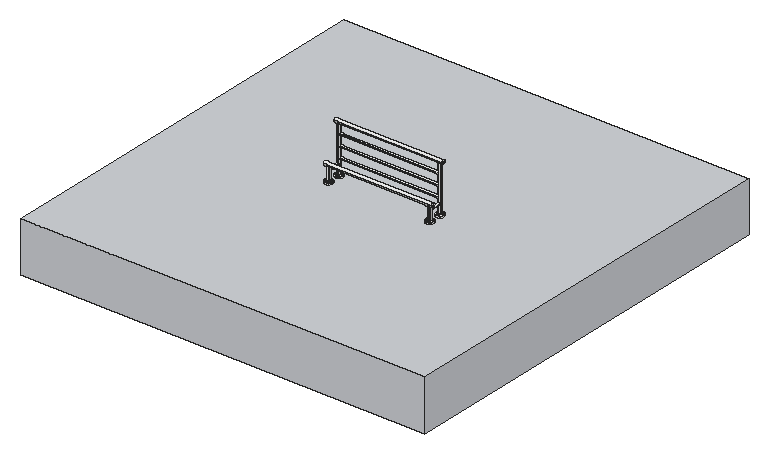
Revit family
Parameters (values of type "Metal-CP-Polished_Chrome")
  Width Overall [instance] = 2' - 1.90551"
  Width = 2' - 0 1/64"
  URL = "http://www.us.kohler.com/us/"
  Product Page URL = "http://www.us.kohler.com/us/Purist-hotelier/productDetail/Accessories/428371.htm?skuId=410317&brandId=430165&pageName=globalSearch&isRedirectedTo=true&searchTerm=14381&_requestid=6403039"
  Product Documentation Link = "http://www.us.kohler.com/webassets/kpna/catalog/pdf/en/1156289_4.pdf"
  Model = "14381-CP"
  Manufacturer = "Kohler"  # constant formula
  Length = 0' - 11.9685"
  Height = 0' - 5.03951"
  Finish = Metal-Kohler-CP-Polished Chrome
  Description = "Purist Hotelier"  # constant formula
  Default Elevation = 4' - 0"
  Assembly Code = "E2010"
Types (7): name | Model | Finish
  (no name) | "14381-CP" | Metal-Kohler-CP-Polished Chrome
  Metal-CP-Polished_Chrome | "14381-CP" | Metal-Kohler-CP-Polished Chrome
  Metal-SN-Vibrant_Polished_Nickel | "14381-SN" | Metal-Kohler-SN-Vibrant Polished Nickel
  Metal-BV-Vibrant_Brushed_Bronze | "14381-BV" | Metal-Kohler-BV-Vibrant Brushed Bronze
  Metal-BN-Vibrant_Brushed_Nickel | "14381-BN" | Metal-Kohler-BN-Vibrant Brushed Nickel
  Metal-BGD-Vibrant_Moderne_Brushed_Gold | "14381-BGD" | Metal-Kohler-BGD-Vibrant Moderne Brushed Gold
  Metal-AF-Vibrant_French_Gold | "14381-BGD" | Metal-Kohler-AF-Vibrant French Gold
Reference planes (in)
  plane 1 "Center (Front/Back)": y = 0
  plane 2: z = 0
  plane 3 "Center (Left/Right)": x = 0
  plane 4: y = 2.51976
  plane 5: y = -2.51976
  plane 6: x = -12.95276
  plane 7: x = 12.95276
  plane 8: x = -12.0078
  plane 9: x = 12.0078
  plane 10: z = 11.9685
Forms (in)
  Extrusion 1, solid
    sketch origin (0, 0, 0) x (1, 0, 0) y (0, 1, 0)
      loop
        line (-48, 48) -> (-48, -48) -> (48, -48) -> (48, 48) -> (-48, 48)
    from 0 to -12
Dimensions and locks (in)
  "Height": plane 5 to plane 4
  equal spacing: plane 8, plane 3 "Center (Left/Right)", plane 9
  "Width": plane 8 to plane 9
  "Width Overall": plane 6 to plane 7
  locked: plane 6 to plane 8 at 0.94495
  plane 9 to plane 7 = 0' - 0.94495"
  "Length": plane 10 to level
  aligned and locked: plane 2 to Extrusion 1
  aligned and locked: level to Extrusion 1
Automatic sketch dimensions
  Extrusion 1 sketch curve to Extrusion 1 sketch curve = 8' - 0"  (x2)
Nested families (in)
  nested 1: "14381" at (0, 0, 0), type "14381"
Definition of nested family "14381"
  Parameters (values of type "14381")
    Width = 2' - 0 15/16"
    Finish = Metal-Kohler-CP-Polished Chrome
    Assembly Code = ""
  Reference planes (in)
    plane 1 "Center (Front/Back)": y = 0
    plane 2: z = 0
    plane 3 "Center (Left/Right)": x = 0
    plane 4: x = -12.0078
    plane 5: x = 12.0078
    plane 6 "Back": y = 2.51976
    plane 7 "Front": y = -2.51976
    plane 8: z = 11.9685
    plane 9 "Left": x = -12.95276
    plane 10 "Right": x = 12.95276
    plane 11 "a": x = 12.78415
    plane 12 "b": x = -12.78415
  Forms (in)
    Revolve 1, solid, material "Metal-Kohler-CP-Polished Chrome" <- "Finish", detail levels medium+fine
      sketch origin (0, -1.5748, 0) x (1, 0, 0) y (0, 0, 1)
        loop
          line (-12.95276, 0) -> (-12.0078, 0) -> (-12.0078, 0.55118) -> (-12.3622, 0.55118)
          arc (-12.3622, 0.55118) -> (-12.37358, 0.53943) -> (-12.37583, 0.52324) r 0.02634
          arc (-12.37583, 0.52324) -> (-12.42219, 0.39639) -> (-12.5231, 0.30661) r 0.2766
          arc (-12.5231, 0.30661) -> (-12.59087, 0.27572) -> (-12.66256, 0.25555) r 0.48636
          line (-12.66256, 0.25555) -> (-12.93102, 0.25555)
          arc (-12.93102, 0.25555) -> (-12.94639, 0.24918) -> (-12.95276, 0.23381) r 0.02174
          line (-12.95276, 0.23381) -> (-12.95276, 0)
        axis (-12.0078, 0.55118) -> (-12.0078, 0)
      angle from 0 to 360
    Revolve 2, solid, material "Metal-Kohler-CP-Polished Chrome" <- "Finish", detail levels medium+fine
      sketch origin (0, 1.5748, 0) x (1, 0, 0) y (0, 0, 1)
        loop
          line (-12.95276, 0) -> (-12.0078, 0) -> (-12.0078, 0.55118) -> (-12.3622, 0.55118)
          arc (-12.3622, 0.55118) -> (-12.37358, 0.53943) -> (-12.37583, 0.52324) r 0.02634
          arc (-12.37583, 0.52324) -> (-12.42219, 0.39639) -> (-12.5231, 0.30661) r 0.2766
          arc (-12.5231, 0.30661) -> (-12.59087, 0.27572) -> (-12.66256, 0.25555) r 0.48636
          line (-12.66256, 0.25555) -> (-12.93102, 0.25555)
          arc (-12.93102, 0.25555) -> (-12.94639, 0.24918) -> (-12.95276, 0.23381) r 0.02174
          line (-12.95276, 0.23381) -> (-12.95276, 0)
        axis (-12.0078, 0.55118) -> (-12.0078, 0)
      angle from 0 to 360
    Extrusion 3, solid, material "Metal-Kohler-CP-Polished Chrome" <- "Finish", detail levels medium+fine
      sketch origin (0, 0, 0) x (1, 0, 0) y (0, 1, 0)
        loop
          arc (-12.0078, -1.2204) -> (-12.14343, -1.24738) -> (-12.2584, -1.3242) r 0.3544
          arc (-12.2584, -1.3242) -> (-12.33523, -1.43918) -> (-12.3622, -1.5748) r 0.3544
          arc (-12.3622, -1.5748) -> (-12.33523, -1.71043) -> (-12.2584, -1.8254) r 0.3544
          arc (-12.2584, -1.8254) -> (-12.14343, -1.90223) -> (-12.0078, -1.9292) r 0.3544
          arc (-12.0078, -1.9292) -> (-11.87218, -1.90223) -> (-11.7572, -1.8254) r 0.3544
          arc (-11.7572, -1.8254) -> (-11.68038, -1.71043) -> (-11.6534, -1.5748) r 0.3544
          arc (-11.6534, -1.5748) -> (-11.68038, -1.43918) -> (-11.7572, -1.3242) r 0.3544
          arc (-11.7572, -1.3242) -> (-11.87218, -1.24738) -> (-12.0078, -1.2204) r 0.3544
      from 0.55118 to 3.77953
    Extrusion 4, solid, material "Metal-Kohler-CP-Polished Chrome" <- "Finish", detail levels medium+fine
      sketch origin (0, 3.14961, 0) x (1, 0, 0) y (0, 1, 0)
        loop
          arc (-12.0078, -1.2204) -> (-12.14343, -1.24738) -> (-12.2584, -1.3242) r 0.3544
          arc (-12.2584, -1.3242) -> (-12.33523, -1.43918) -> (-12.3622, -1.5748) r 0.3544
          arc (-12.3622, -1.5748) -> (-12.33523, -1.71043) -> (-12.2584, -1.8254) r 0.3544
          arc (-12.2584, -1.8254) -> (-12.14343, -1.90223) -> (-12.0078, -1.9292) r 0.3544
          arc (-12.0078, -1.9292) -> (-11.87218, -1.90223) -> (-11.7572, -1.8254) r 0.3544
          arc (-11.7572, -1.8254) -> (-11.68038, -1.71043) -> (-11.6534, -1.5748) r 0.3544
          arc (-11.6534, -1.5748) -> (-11.68038, -1.43918) -> (-11.7572, -1.3242) r 0.3544
          arc (-11.7572, -1.3242) -> (-11.87218, -1.24738) -> (-12.0078, -1.2204) r 0.3544
      from 0.55118 to 11.5748
    Revolve 5, solid, material "Metal-Kohler-CP-Polished Chrome" <- "Finish", detail levels medium+fine
      sketch origin (0, -1.5748, 0) x (-1, 0, 0) y (0, 0, -1)
        loop
          line (-12.95276, 0) -> (-12.95276, -0.23381)
          arc (-12.95276, -0.23381) -> (-12.94639, -0.24918) -> (-12.93102, -0.25555) r 0.02174
          line (-12.93102, -0.25555) -> (-12.66256, -0.25555)
          arc (-12.66256, -0.25555) -> (-12.59087, -0.27572) -> (-12.5231, -0.30661) r 0.48636
          arc (-12.5231, -0.30661) -> (-12.42219, -0.39639) -> (-12.37583, -0.52324) r 0.2766
          arc (-12.37583, -0.52324) -> (-12.37358, -0.53943) -> (-12.3622, -0.55118) r 0.02634
          line (-12.3622, -0.55118) -> (-12.0078, -0.55118) -> (-12.0078, 0) -> (-12.95276, 0)
        axis (-12.0078, -0.55118) -> (-12.0078, 0)
      angle from 0 to 360
    Revolve 6, solid, material "Metal-Kohler-CP-Polished Chrome" <- "Finish", detail levels medium+fine
      sketch origin (0, 1.5748, 0) x (-1, 0, 0) y (0, 0, -1)
        loop
          line (-12.95276, 0) -> (-12.95276, -0.23381)
          arc (-12.95276, -0.23381) -> (-12.94639, -0.24918) -> (-12.93102, -0.25555) r 0.02174
          line (-12.93102, -0.25555) -> (-12.66256, -0.25555)
          arc (-12.66256, -0.25555) -> (-12.59087, -0.27572) -> (-12.5231, -0.30661) r 0.48636
          arc (-12.5231, -0.30661) -> (-12.42219, -0.39639) -> (-12.37583, -0.52324) r 0.2766
          arc (-12.37583, -0.52324) -> (-12.37358, -0.53943) -> (-12.3622, -0.55118) r 0.02634
          line (-12.3622, -0.55118) -> (-12.0078, -0.55118) -> (-12.0078, 0) -> (-12.95276, 0)
        axis (-12.0078, -0.55118) -> (-12.0078, 0)
      angle from 0 to 360
    Extrusion 7, solid, material "Metal-Kohler-CP-Polished Chrome" <- "Finish", detail levels medium+fine
      sketch origin (0, 0, 0) x (-1, 0, 0) y (0, -1, 0)
        loop
          arc (-12.0078, 1.2204) -> (-11.87218, 1.24738) -> (-11.7572, 1.3242) r 0.3544
          arc (-11.7572, 1.3242) -> (-11.68038, 1.43918) -> (-11.6534, 1.5748) r 0.3544
          arc (-11.6534, 1.5748) -> (-11.68038, 1.71043) -> (-11.7572, 1.8254) r 0.3544
          arc (-11.7572, 1.8254) -> (-11.87218, 1.90223) -> (-12.0078, 1.9292) r 0.3544
          arc (-12.0078, 1.9292) -> (-12.14343, 1.90223) -> (-12.2584, 1.8254) r 0.3544
          arc (-12.2584, 1.8254) -> (-12.33523, 1.71043) -> (-12.3622, 1.5748) r 0.3544
          arc (-12.3622, 1.5748) -> (-12.33523, 1.43918) -> (-12.2584, 1.3242) r 0.3544
          arc (-12.2584, 1.3242) -> (-12.14343, 1.24738) -> (-12.0078, 1.2204) r 0.3544
      from 0.55118 to 3.77953
    Extrusion 8, solid, material "Metal-Kohler-CP-Polished Chrome" <- "Finish", detail levels medium+fine
      sketch origin (0, 3.14961, 0) x (-1, 0, 0) y (0, -1, 0)
        loop
          arc (-12.0078, 1.2204) -> (-11.87218, 1.24738) -> (-11.7572, 1.3242) r 0.3544
          arc (-11.7572, 1.3242) -> (-11.68038, 1.43918) -> (-11.6534, 1.5748) r 0.3544
          arc (-11.6534, 1.5748) -> (-11.68038, 1.71043) -> (-11.7572, 1.8254) r 0.3544
          arc (-11.7572, 1.8254) -> (-11.87218, 1.90223) -> (-12.0078, 1.9292) r 0.3544
          arc (-12.0078, 1.9292) -> (-12.14343, 1.90223) -> (-12.2584, 1.8254) r 0.3544
          arc (-12.2584, 1.8254) -> (-12.33523, 1.71043) -> (-12.3622, 1.5748) r 0.3544
          arc (-12.3622, 1.5748) -> (-12.33523, 1.43918) -> (-12.2584, 1.3242) r 0.3544
          arc (-12.2584, 1.3242) -> (-12.14343, 1.24738) -> (-12.0078, 1.2204) r 0.3544
      from 0.55118 to 11.5748
    Extrusion 9, solid, material "Metal-Kohler-CP-Polished Chrome" <- "Finish", detail levels medium+fine
      sketch origin (0, 0, 0) x (0, 1, 0) y (0, 0, 1)
        loop
          circle (-1.5748, 3.77953) r 0.39373
      from -12.78415 to 12.78415
    Revolve 10, solid, material "Metal-Kohler-CP-Polished Chrome" <- "Finish", detail levels medium+fine
      sketch origin (0, -1.5748, 0) x (0, 0, -1) y (-1, 0, 0)
        loop
          arc (-3.77953, 12.78415) -> (-3.96173, 12.797) -> (-4.14033, 12.83527) r 1.2989
          line (-4.14033, 12.83527) -> (-4.17325, 12.83527) -> (-4.17325, 12.78415) -> (-3.77953, 12.78415)
        axis (-3.77953, 12.78415) -> (-3.77953, 12.83527)
      angle from 0 to 360
    Revolve 11, solid, material "Metal-Kohler-CP-Polished Chrome" <- "Finish", detail levels medium+fine
      sketch origin (0, -1.5748, 0) x (0, 0, -1) y (1, 0, 0)
        loop
          arc (-3.77953, 12.78415) -> (-3.96173, 12.797) -> (-4.14033, 12.83527) r 1.2989
          line (-4.14033, 12.83527) -> (-4.17325, 12.83527) -> (-4.17325, 12.78415) -> (-3.77953, 12.78415)
        axis (-3.77953, 12.78415) -> (-3.77953, 12.83527)
      angle from 0 to 360
    Extrusion 12, solid, material "Metal-Kohler-CP-Polished Chrome" <- "Finish", detail levels medium+fine
      sketch origin (0, 0, 0) x (1, 0, 0) y (0, 0, 1)
        loop
          circle (-12.0078, 2.51965) r 0.24217
      from -1.5748 to 1.5748
    Extrusion 13, solid, material "Metal-Kohler-CP-Polished Chrome" <- "Finish", detail levels medium+fine
      sketch origin (0, 0, 0) x (-1, 0, 0) y (0, 0, -1)
        loop
          circle (-12.0078, -2.51965) r 0.24217
      from -1.5748 to 1.5748
    Extrusion 14, solid, material "Metal-Kohler-CP-Polished Chrome" <- "Finish", detail levels medium+fine
      sketch origin (0, 3.14961, 7.79525) x (0, 1, 0) y (0, 0, 1)
        loop
          circle (-1.5748, 3.77953) r 0.39373
      from -12.78415 to 12.78415
    Revolve 15, solid, material "Metal-Kohler-CP-Polished Chrome" <- "Finish", detail levels medium+fine
      sketch origin (0, 1.5748, 7.79525) x (0, 0, -1) y (-1, 0, 0)
        loop
          arc (-3.77953, 12.78415) -> (-3.96173, 12.797) -> (-4.14033, 12.83527) r 1.2989
          line (-4.14033, 12.83527) -> (-4.17325, 12.83527) -> (-4.17325, 12.78415) -> (-3.77953, 12.78415)
        axis (-3.77953, 12.78415) -> (-3.77953, 12.83527)
      angle from 0 to 360
    Revolve 16, solid, material "Metal-Kohler-CP-Polished Chrome" <- "Finish", detail levels medium+fine
      sketch origin (0, 1.5748, 7.79525) x (0, 0, -1) y (1, 0, 0)
        loop
          arc (-3.77953, 12.78415) -> (-3.96173, 12.797) -> (-4.14033, 12.83527) r 1.2989
          line (-4.14033, 12.83527) -> (-4.17325, 12.83527) -> (-4.17325, 12.78415) -> (-3.77953, 12.78415)
        axis (-3.77953, 12.78415) -> (-3.77953, 12.83527)
      angle from 0 to 360
    Extrusion 17, solid, material "Metal-Kohler-CP-Polished Chrome" <- "Finish", detail levels medium+fine
      sketch origin (0, 0, 0) x (0, 1, 0) y (0, 0, 1)
        loop
          circle (1.5748, 3.89765) r 0.24605
      from -12.0078 to 12.0078
    Extrusion 18, solid, material "Metal-Kohler-CP-Polished Chrome" <- "Finish", detail levels medium+fine
      sketch origin (0, 0, 2.55413) x (0, 1, 0) y (0, 0, 1)
        loop
          circle (1.5748, 3.89765) r 0.24605
      from -12.0078 to 12.0078
    Extrusion 19, solid, material "Metal-Kohler-CP-Polished Chrome" <- "Finish", detail levels medium+fine
      sketch origin (0, 0, 5.11322) x (0, 1, 0) y (0, 0, 1)
        loop
          circle (1.5748, 3.89765) r 0.24605
      from -12.0078 to 12.0078
    Extrusion 20, solid, material "Metal-Kohler-CP-Polished Chrome" <- "Finish", detail levels coarse
      sketch origin (0, 0, 0) x (1, 0, 0) y (0, 1, 0)
        loop
          line (-12.95276, 2.51976) -> (-12.95276, -2.51976) -> (12.95276, -2.51976) -> (12.95276, 2.51976) -> (-12.95276, 2.51976)
      from 0 to 11.9685
  Cuts and joins
    joined: Revolve 1, Revolve 2, Extrusion 3, Extrusion 4, Revolve 5, Revolve 6, Extrusion 7, Extrusion 8, Extrusion 9, Revolve 10, Revolve 11, Extrusion 12, Extrusion 13, Extrusion 14, Revolve 15, Revolve 16, Extrusion 17, Extrusion 18, Extrusion 19
  Lines and regions (in)
    Masking region 1, detail levels coarse
      outline origin (0, 0, 0) x (1, 0, 0) y (0, 1, 0)
        loop
          line (-12.95276, 2.51976) -> (-12.95276, -2.51976) -> (12.95276, -2.51976) -> (12.95276, 2.51976) -> (-12.95276, 2.51976)
    Masking region 2, detail levels medium+fine
      outline origin (0, 0, 0) x (1, 0, 0) y (0, 1, 0)
        loop
          line (-11.14878, -1.96853) -> (11.14878, -1.96853)
          arc (11.14878, -1.96853) -> (12.2093, -2.49802) -> (12.95276, -1.5748) r 0.94495
          arc (12.95276, -1.5748) -> (12.75673, -0.99857) -> (12.24997, -0.66141) r 0.94495
          line (12.24997, -0.66141) -> (12.24997, 0.66141)
          arc (12.24997, 0.66141) -> (12.75673, 0.99857) -> (12.95276, 1.5748) r 0.94495
          arc (12.95276, 1.5748) -> (12.2093, 2.49802) -> (11.14878, 1.96853) r 0.94495
          line (11.14878, 1.96853) -> (-11.14878, 1.96853)
          arc (-11.14878, 1.96853) -> (-12.2093, 2.49802) -> (-12.95276, 1.5748) r 0.94495
          arc (-12.95276, 1.5748) -> (-12.75673, 0.99857) -> (-12.24997, 0.66141) r 0.94495
          line (-12.24997, 0.66141) -> (-12.24997, -0.66141)
          arc (-12.24997, -0.66141) -> (-12.75673, -0.99857) -> (-12.95276, -1.5748) r 0.94495
          arc (-12.95276, -1.5748) -> (-12.2093, -2.49802) -> (-11.14878, -1.96853) r 0.94495
    Masking region 3, detail levels coarse
      outline origin (0, 0, 0) x (1, 0, 0) y (0, 0, 1)
        loop
          line (-12.95276, 11.9685) -> (-12.95276, 0) -> (12.95276, 0) -> (12.95276, 11.9685) -> (-12.95276, 11.9685)
    Masking region 4, detail levels medium+fine
      outline origin (0, 0, 0) x (1, 0, 0) y (0, 0, 1)
        loop
          line (-12.95276, 0) -> (-11.06285, 0) -> (-11.06285, 0.23403)
          arc (-11.06285, 0.23403) -> (-11.06944, 0.24956) -> (-11.08519, 0.25561) r 0.02159
          line (-11.08519, 0.25561) -> (-11.35341, 0.25561)
          arc (-11.35341, 0.25561) -> (-11.42516, 0.2751) -> (-11.49251, 0.30661) r 0.4319
          arc (-11.49251, 0.30661) -> (-11.59093, 0.39807) -> (-11.63977, 0.52324) r 0.30114
          arc (-11.63977, 0.52324) -> (-11.64228, 0.53931) -> (-11.6534, 0.55118) r 0.0276
          line (-11.6534, 0.55118) -> (-11.6534, 3.3858) -> (11.6534, 3.3858) -> (11.6534, 0.55118)
          arc (11.6534, 0.55118) -> (11.64228, 0.53931) -> (11.63977, 0.52324) r 0.0276
          arc (11.63977, 0.52324) -> (11.59093, 0.39807) -> (11.49251, 0.30661) r 0.30114
          arc (11.49251, 0.30661) -> (11.42516, 0.2751) -> (11.35341, 0.25561) r 0.4319
          line (11.35341, 0.25561) -> (11.08519, 0.25561)
          arc (11.08519, 0.25561) -> (11.06944, 0.24956) -> (11.06285, 0.23403) r 0.02159
          line (11.06285, 0.23403) -> (11.06285, 0) -> (12.95276, 0) -> (12.95276, 0.23403)
          arc (12.95276, 0.23403) -> (12.94616, 0.24956) -> (12.93041, 0.25561) r 0.02159
          line (12.93041, 0.25561) -> (12.6622, 0.25561)
          arc (12.6622, 0.25561) -> (12.59044, 0.2751) -> (12.5231, 0.30661) r 0.4319
          arc (12.5231, 0.30661) -> (12.42467, 0.39807) -> (12.37583, 0.52324) r 0.30114
          arc (12.37583, 0.52324) -> (12.37333, 0.53931) -> (12.3622, 0.55118) r 0.0276
          line (12.3622, 0.55118) -> (12.3622, 3.3858) -> (12.83527, 3.3858) -> (12.83527, 4.17325) -> (12.3622, 4.17325) -> (12.3622, 11.18105) -> (12.83527, 11.18105) -> (12.83527, 11.9685) -> (-12.83527, 11.9685) -> (-12.83527, 11.18105) -> (-12.3622, 11.18105) -> (-12.3622, 4.17325) -> (-12.83527, 4.17325) -> (-12.83527, 3.3858) -> (-12.3622, 3.3858) -> (-12.3622, 0.55118)
          arc (-12.3622, 0.55118) -> (-12.37333, 0.53931) -> (-12.37583, 0.52324) r 0.0276
          arc (-12.37583, 0.52324) -> (-12.42467, 0.39807) -> (-12.5231, 0.30661) r 0.30114
          arc (-12.5231, 0.30661) -> (-12.59044, 0.2751) -> (-12.6622, 0.25561) r 0.4319
          line (-12.6622, 0.25561) -> (-12.93041, 0.25561)
          arc (-12.93041, 0.25561) -> (-12.94616, 0.24956) -> (-12.95276, 0.23403) r 0.02159
          line (-12.95276, 0.23403) -> (-12.95276, 0)
    Masking region 5, detail levels coarse
      outline origin (0, 0, 0) x (0, 1, 0) y (0, 0, 1)
        loop
          line (2.51976, 11.9685) -> (-2.51976, 11.9685) -> (-2.51976, 0) -> (2.51976, 0) -> (2.51976, 11.9685)
    Masking region 6, detail levels medium+fine
      outline origin (0, 0, 0) x (0, 1, 0) y (0, 0, 1)
        loop
          line (-2.51976, 0.23377) -> (-2.51976, 0) -> (-0.62985, 0) -> (-0.62985, 0.23377)
          arc (-0.62985, 0.23377) -> (-0.63622, 0.24914) -> (-0.6516, 0.25551) r 0.02175
          line (-0.6516, 0.25551) -> (-0.92034, 0.25551)
          arc (-0.92034, 0.25551) -> (-0.99193, 0.2756) -> (-1.05951, 0.30661) r 0.47559
          arc (-1.05951, 0.30661) -> (-1.15884, 0.39752) -> (-1.20678, 0.52335) r 0.29182
          arc (-1.20678, 0.52335) -> (-1.20895, 0.53954) -> (-1.2204, 0.55118) r 0.0258
          line (-1.2204, 0.55118) -> (-1.2204, 2.27749) -> (1.2204, 2.27749) -> (1.2204, 0.55118)
          arc (1.2204, 0.55118) -> (1.20895, 0.53954) -> (1.20678, 0.52335) r 0.0258
          arc (1.20678, 0.52335) -> (1.15884, 0.39752) -> (1.05951, 0.30661) r 0.29182
          arc (1.05951, 0.30661) -> (0.99193, 0.2756) -> (0.92034, 0.25551) r 0.47559
          line (0.92034, 0.25551) -> (0.6516, 0.25551)
          arc (0.6516, 0.25551) -> (0.63622, 0.24914) -> (0.62985, 0.23377) r 0.02175
          line (0.62985, 0.23377) -> (0.62985, 0) -> (2.51976, 0) -> (2.51976, 0.23377)
          arc (2.51976, 0.23377) -> (2.51339, 0.24914) -> (2.49801, 0.25551) r 0.02175
          line (2.49801, 0.25551) -> (2.22927, 0.25551)
          arc (2.22927, 0.25551) -> (2.15768, 0.2756) -> (2.0901, 0.30661) r 0.47559
          arc (2.0901, 0.30661) -> (1.99077, 0.39752) -> (1.94282, 0.52335) r 0.29182
          arc (1.94282, 0.52335) -> (1.94066, 0.53954) -> (1.9292, 0.55118) r 0.0258
          line (1.9292, 0.55118) -> (1.9292, 11.40325)
          arc (1.9292, 11.40325) -> (1.90838, 11.78393) -> (1.5748, 11.9685) r 0.39373
          arc (1.5748, 11.9685) -> (1.24122, 11.78393) -> (1.2204, 11.40325) r 0.39373
          line (1.2204, 11.40325) -> (1.2204, 2.76182) -> (-1.2204, 2.76182) -> (-1.2204, 3.608)
          arc (-1.2204, 3.608) -> (-1.24122, 3.98868) -> (-1.5748, 4.17325) r 0.39373
          arc (-1.5748, 4.17325) -> (-1.90838, 3.98868) -> (-1.9292, 3.608) r 0.39373
          line (-1.9292, 3.608) -> (-1.9292, 0.55118)
          arc (-1.9292, 0.55118) -> (-1.94066, 0.53954) -> (-1.94282, 0.52335) r 0.0258
          arc (-1.94282, 0.52335) -> (-1.99077, 0.39752) -> (-2.0901, 0.30661) r 0.29182
          arc (-2.0901, 0.30661) -> (-2.15768, 0.2756) -> (-2.22927, 0.25551) r 0.47559
          line (-2.22927, 0.25551) -> (-2.49801, 0.25551)
          arc (-2.49801, 0.25551) -> (-2.51339, 0.24914) -> (-2.51976, 0.23377) r 0.02175
    symbolic lines, style "Masking Lines", detail levels fine
      curve 1: line (-12.83527, -1.96853, 0) -> (-12.83527, -1.5748, 0)
      curve 2: line (-12.83527, -1.5748, 0) -> (-12.83527, -1.18108, 0)
      curve 3: line (-12.83527, -1.18108, 0) -> (12.83527, -1.18108, 0)
      curve 4: line (12.83527, -1.5748, 0) -> (12.83527, -1.18108, 0)
      curve 5: line (12.83527, -1.96853, 0) -> (12.83527, -1.5748, 0)
      curve 6: line (11.14878, -1.96853, 0) -> (12.83527, -1.96853, 0)
      curve 7: line (-11.14878, -1.96853, 0) -> (-12.83527, -1.96853, 0)
      curve 8: line (-12.24997, -1.18108, 0) -> (-12.24997, -0.66141, 0)
      curve 9: line (-11.76564, -1.18108, 0) -> (-11.76564, 1.18108, 0)
      curve 10: arc (-11.76564, -0.66141, 0) -> (-11.39898, -0.85212, 0) -> (-11.14878, -1.18108, 0) r 0.94495
      curve 11: line (-12.83527, 1.18108, 0) -> (-12.83527, 1.5748, 0)
      curve 12: line (-12.83527, 1.5748, 0) -> (-12.83527, 1.96853, 0)
      curve 13: line (-12.83527, 1.18108, 0) -> (12.83527, 1.18108, 0)
      curve 14: line (12.83527, 1.18108, 0) -> (12.83527, 1.5748, 0)
      curve 15: line (12.83527, 1.5748, 0) -> (12.83527, 1.96853, 0)
      curve 16: line (-12.24997, 1.18108, 0) -> (-12.24997, 0.66141, 0)
      curve 17: arc (-12.24997, -0.96647, 0) -> (-12.40522, -1.05445, 0) -> (-12.53096, -1.18108, 0) r 0.65476
      curve 18: arc (-11.48465, -1.18108, 0) -> (-11.61038, -1.05445, 0) -> (-11.76564, -0.96647, 0) r 0.65476
      curve 19: arc (-12.53096, -1.96853, 0) -> (-12.0078, -2.22957, 0) -> (-11.48465, -1.96853, 0) r 0.65476
      curve 20: arc (-12.24997, -1.11996, 0) -> (-12.29672, -1.14812, 0) -> (-12.34023, -1.18108, 0) r 0.51529
      curve 21: arc (-11.67538, -1.18108, 0) -> (-11.71888, -1.14812, 0) -> (-11.76564, -1.11996, 0) r 0.51529
      curve 22: arc (-12.34023, -1.96853, 0) -> (-12.0078, -2.0901, 0) -> (-11.67538, -1.96853, 0) r 0.51529
      curve 23: line (-12.83527, 1.96853, 0) -> (-11.08527, 1.96853, 0)
      curve 24: arc (-12.53096, 1.18108, 0) -> (-12.40522, 1.05445, 0) -> (-12.24997, 0.96647, 0) r 0.65476
      curve 25: arc (-11.76564, 0.96647, 0) -> (-11.61038, 1.05445, 0) -> (-11.48465, 1.18108, 0) r 0.65476
      curve 26: arc (-11.48465, 1.96853, 0) -> (-12.0078, 2.22957, 0) -> (-12.53096, 1.96853, 0) r 0.65476
      curve 27: arc (-11.76564, 1.11996, 0) -> (-11.71888, 1.14812, 0) -> (-11.67538, 1.18108, 0) r 0.51529
      curve 28: arc (-12.34023, 1.18108, 0) -> (-12.29672, 1.14812, 0) -> (-12.24997, 1.11996, 0) r 0.51529
      curve 29: arc (-11.67538, 1.96853, 0) -> (-12.0078, 2.0901, 0) -> (-12.34023, 1.96853, 0) r 0.51529
      curve 30: arc (-11.14878, 1.18108, 0) -> (-11.39898, 0.85212, 0) -> (-11.76564, 0.66141, 0) r 0.94495
      curve 31: arc (11.48465, -1.96853, 0) -> (12.0078, -2.22957, 0) -> (12.53096, -1.96853, 0) r 0.65476
      curve 32: arc (11.76564, -1.11996, 0) -> (11.71888, -1.14812, 0) -> (11.67538, -1.18108, 0) r 0.51529
      curve 33: arc (12.34023, -1.18108, 0) -> (12.29672, -1.14812, 0) -> (12.24997, -1.11996, 0) r 0.51529
      curve 34: arc (11.67538, -1.96853, 0) -> (12.0078, -2.0901, 0) -> (12.34023, -1.96853, 0) r 0.51529
      curve 35: line (11.76564, -1.18108, 0) -> (11.76564, 1.18108, 0)
      curve 36: line (12.24997, -1.18108, 0) -> (12.24997, 1.18108, 0)
      curve 37: arc (12.53096, -1.18108, 0) -> (12.40522, -1.05445, 0) -> (12.24997, -0.96647, 0) r 0.65476
      curve 38: arc (11.76564, -0.96647, 0) -> (11.61038, -1.05445, 0) -> (11.48465, -1.18108, 0) r 0.65476
      curve 39: arc (11.76564, -0.66141, 0) -> (11.39898, -0.85212, 0) -> (11.14878, -1.18108, 0) r 0.94495
      curve 40: arc (11.14878, 1.18108, 0) -> (11.39898, 0.85212, 0) -> (11.76564, 0.66141, 0) r 0.94495
      curve 41: arc (11.48465, 1.18108, 0) -> (11.61038, 1.05445, 0) -> (11.76564, 0.96647, 0) r 0.65476
      curve 42: arc (12.53096, 1.96853, 0) -> (12.0078, 2.22957, 0) -> (11.48465, 1.96853, 0) r 0.65476
      curve 43: arc (11.67538, 1.18108, 0) -> (11.71888, 1.14812, 0) -> (11.76564, 1.11996, 0) r 0.51529
      curve 44: arc (12.34023, 1.96853, 0) -> (12.0078, 2.0901, 0) -> (11.67538, 1.96853, 0) r 0.51529
      curve 45: arc (12.24997, 0.96647, 0) -> (12.40522, 1.05445, 0) -> (12.53096, 1.18108, 0) r 0.65476
      curve 46: arc (12.24997, 1.11996, 0) -> (12.29672, 1.14812, 0) -> (12.34023, 1.18108, 0) r 0.51529
      curve 47: line (12.83527, 1.96853, 0) -> (11.14878, 1.96853, 0)
      curve 48: line (-11.6534, -2.51976, 3.3858) -> (-12.3622, -2.51976, 3.3858)
      curve 49: line (11.6534, -2.51976, 3.3858) -> (12.3622, -2.51976, 3.3858)
      curve 50: line (11.6534, 0, 11.18105) -> (12.3622, 0, 11.18105)
      curve 51: line (11.75273, 0, 9.01087) -> (11.6534, 0, 9.25692)
      curve 52: line (11.75273, 0, 9.01087) -> (11.6534, 0, 8.76482)
      curve 53: line (11.6534, 0, 6.69783) -> (11.75273, 0, 6.45178)
      curve 54: line (11.75273, 0, 6.45178) -> (11.6534, 0, 6.20573)
      curve 55: line (-11.6534, 0, 9.25692) -> (-11.75273, 0, 9.01087)
      curve 56: line (-11.6534, 0, 8.76482) -> (-11.75273, 0, 9.01087)
      curve 57: line (-11.75273, 0, 6.45178) -> (-11.6534, 0, 6.69783)
      curve 58: line (-11.6534, 0, 6.20573) -> (-11.75273, 0, 6.45178)
      curve 59: line (-12.3622, 0, 11.18105) -> (-11.6534, 0, 11.18105)
      curve 60: line (-11.6534, 0, 11.18105) -> (11.6534, 0, 11.18105)
      curve 61: line (11.6534, 0, 9.25692) -> (-11.6534, 0, 9.25692)
      curve 62: line (-11.6534, 0, 8.76482) -> (11.6534, 0, 8.76482)
      curve 63: line (11.6534, 0, 6.69783) -> (-11.6534, 0, 6.69783)
      curve 64: line (-11.6534, 0, 6.20573) -> (11.6534, 0, 6.20573)
      curve 65: line (12.83527, -2.51976, 4.17325) -> (-12.83527, -2.51976, 4.17325)
      curve 66: line (-11.6534, 0, 4.17325) -> (-11.6534, 0, 6.20573)
      curve 67: line (-11.6534, 0, 6.69783) -> (-11.6534, 0, 8.76482)
      curve 68: line (-11.6534, 0, 9.25692) -> (-11.6534, 0, 11.18105)
      curve 69: line (11.6534, 0, 6.20573) -> (11.6534, 0, 4.17325)
      curve 70: line (11.6534, 0, 6.69783) -> (11.6534, 0, 8.76482)
      curve 71: line (11.6534, 0, 9.25692) -> (11.6534, 0, 11.18105)
      curve 72: line (-12.6622, 0, 0.25561) -> (-11.35341, 0, 0.25561)
      curve 73: line (-12.3622, 0, 0.55118) -> (-11.6534, 0, 0.55118)
      curve 74: line (11.35341, 0, 0.25561) -> (12.6622, 0, 0.25561)
      curve 75: line (11.6534, 0, 0.55118) -> (12.3622, 0, 0.55118)
      curve 76: line (-12.78415, 0, 3.3858) -> (-12.78415, 0, 4.17325)
      curve 77: line (12.78415, 0, 3.3858) -> (12.78415, 0, 4.17325)
      curve 78: line (12.78415, 0, 11.18105) -> (12.78415, 0, 11.9685)
      curve 79: line (-12.78415, 0, 11.18105) -> (-12.78415, 0, 11.9685)
      curve 80: line (0, 2.22927, 0.25551) -> (0, 0.92034, 0.25551)
      curve 81: line (0, 1.9292, 0.55118) -> (0, 1.2204, 0.55118)
      curve 82: line (0, -0.92034, 0.25551) -> (0, -2.23448, 0.25551)
      curve 83: line (0, -1.2204, 0.55118) -> (0, -1.9292, 0.55118)
      curve 84: arc (0, -1.2204, 2.76182) -> (0, -1.31605, 2.51965) -> (0, -1.2204, 2.27749) r 0.3544
      curve 85: arc (0, 1.2204, 2.27749) -> (0, 1.31605, 2.51965) -> (0, 1.2204, 2.76182) r 0.3544
      curve 86: arc (0, -1.2204, 3.608) -> (0, -1.5748, 3.3858) -> (0, -1.9292, 3.608) r 0.39373
      curve 87: arc (0, -1.5748, 3.41872) -> (0, -1.214, 3.77953) -> (0, -1.5748, 4.14033) r 0.36081
      curve 88: arc (0, -1.5748, 4.14033) -> (0, -1.93561, 3.77953) -> (0, -1.5748, 3.41872) r 0.36081
      curve 89: arc (0, 1.5748, 11.21397) -> (0, 1.93561, 11.57478) -> (0, 1.5748, 11.93558) r 0.36081
      curve 90: arc (0, 1.5748, 11.93558) -> (0, 1.214, 11.57478) -> (0, 1.5748, 11.21397) r 0.36081
      curve 91: arc (0, 1.9292, 11.40325) -> (0, 1.5748, 11.18105) -> (0, 1.2204, 11.40325) r 0.39373
      curve 92: line (12.3622, 2.51976, 3.3858) -> (12.3622, 2.51976, 4.17325)
      curve 93: line (11.6534, 2.51976, 3.3858) -> (11.6534, 2.51976, 3.6516)
      curve 94: line (11.6534, 2.51976, 4.1437) -> (11.6534, 2.51976, 4.29568)
      curve 95: line (11.6534, 2.51976, 4.1437) -> (11.75273, 2.51976, 3.89765)
      curve 96: line (11.75273, 2.51976, 3.89765) -> (11.6534, 2.51976, 3.6516)
      curve 97: line (11.6534, 2.51976, 4.1437) -> (-11.6534, 2.51976, 4.1437)
      curve 98: line (-11.6534, 2.51976, 4.1437) -> (-11.6534, 2.51976, 4.28683)
      curve 99: line (-11.75273, 2.51976, 3.89765) -> (-11.6534, 2.51976, 4.1437)
      curve 100: line (-11.6534, 2.51976, 3.6516) -> (-11.75273, 2.51976, 3.89765)
      curve 101: line (-11.6534, 2.51976, 3.6516) -> (-11.6534, 2.51976, 3.3858)
      curve 102: line (-12.3622, 2.51976, 3.3858) -> (-12.3622, 2.51976, 4.17325)
      curve 103: line (-11.6534, 2.51976, 3.6516) -> (11.6534, 2.51976, 3.6516)
      curve 112: line (11.6534, 2.51976, 4.17325) -> (-11.6534, 2.51976, 4.17325)
    model lines, style "3d Fine", detail levels medium+fine
      curve 104: arc (12.78415, -1.5748, 3.3858) -> (12.78415, -1.18108, 3.77953) -> (12.78415, -1.5748, 4.17325) r 0.39373
      curve 105: arc (12.78415, -1.5748, 4.17325) -> (12.78415, -1.96853, 3.77953) -> (12.78415, -1.5748, 3.3858) r 0.39373
      curve 106: arc (12.78415, 1.5748, 11.18105) -> (12.78415, 1.96853, 11.57478) -> (12.78415, 1.5748, 11.9685) r 0.39373
      curve 107: arc (12.78415, 1.5748, 11.9685) -> (12.78415, 1.18108, 11.57478) -> (12.78415, 1.5748, 11.18105) r 0.39373
      curve 108: arc (-12.78415, -1.5748, 4.17325) -> (-12.78415, -1.96853, 3.77953) -> (-12.78415, -1.5748, 3.3858) r 0.39373
      curve 109: arc (-12.78415, -1.5748, 3.3858) -> (-12.78415, -1.18108, 3.77953) -> (-12.78415, -1.5748, 4.17325) r 0.39373
      curve 110: arc (-12.78415, 1.5748, 11.9685) -> (-12.78415, 1.18108, 11.57478) -> (-12.78415, 1.5748, 11.18105) r 0.39373
      curve 111: arc (-12.78415, 1.5748, 11.18105) -> (-12.78415, 1.96853, 11.57478) -> (-12.78415, 1.5748, 11.9685) r 0.39373
  Dimensions and locks (in)
    aligned and locked: plane 2 to level
    aligned and locked: Masking region 2 sketch curve to cut or joined group 1 (Revolve 1, Revolve 2, Extrusion 3, Extrusion 4, Revolve 5, Revolve 6, Extrusion 7, Extrusion 8, Extrusion 9, Revolve 10, Revolve 11, Extrusion 12, Extrusion 13, Extrusion 14, Revolve 15, Revolve 16, Extrusion 17, Extrusion 18, Extrusion 19)  (x8)
    aligned: curve 1 to cut or joined group 1
    aligned: curve 2 to cut or joined group 1
    aligned: curve 4 to cut or joined group 1
    aligned: curve 5 to cut or joined group 1
    aligned and locked: curve 10 to cut or joined group 1
    aligned: curve 11 to cut or joined group 1
    aligned: curve 12 to cut or joined group 1
    aligned: curve 14 to cut or joined group 1
    aligned: curve 15 to cut or joined group 1
    aligned and locked: curve 17 to cut or joined group 1
    aligned and locked: curve 18 to cut or joined group 1
    aligned and locked: curve 19 to cut or joined group 1
    aligned and locked: curve 24 to cut or joined group 1
    aligned and locked: curve 26 to cut or joined group 1
    aligned and locked: curve 27 to cut or joined group 1
    aligned and locked: curve 30 to cut or joined group 1
    aligned and locked: curve 31 to cut or joined group 1
    aligned and locked: curve 32 to cut or joined group 1
    aligned and locked: curve 37 to cut or joined group 1
    aligned and locked: curve 39 to cut or joined group 1
    aligned and locked: curve 40 to cut or joined group 1
    aligned and locked: curve 41 to cut or joined group 1
    aligned and locked: curve 42 to cut or joined group 1
    aligned and locked: curve 43 to cut or joined group 1
    aligned and locked: Masking region 6 sketch curve to cut or joined group 1  (x4)
    aligned and locked: curve 87 to cut or joined group 1
    aligned and locked: curve 88 to cut or joined group 1
    aligned and locked: curve 89 to cut or joined group 1
    aligned and locked: curve 90 to cut or joined group 1
    aligned and locked: curve 104 to cut or joined group 1
    aligned and locked: curve 105 to cut or joined group 1
    aligned and locked: curve 106 to cut or joined group 1
    aligned and locked: curve 107 to cut or joined group 1
    aligned and locked: curve 108 to cut or joined group 1
    aligned and locked: curve 109 to cut or joined group 1
    aligned and locked: curve 110 to cut or joined group 1
    aligned and locked: curve 111 to cut or joined group 1
